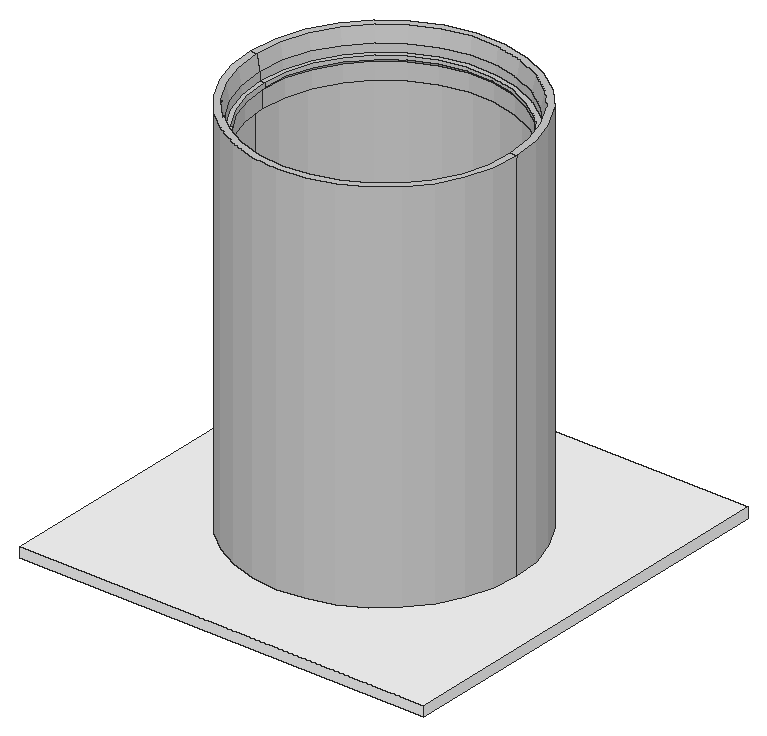
Revit family "BE_99619_de_DE", category Leuchten, Revit 2020
Family settings
  Basisbauteil = Fläche
  Bemaßung runder Anschluss = Durchmesser verwenden
  Teiletyp = Normal
  Beim Laden mit Abzugskörper schneiden = Ja
  Lichtquelle = Nein
  Gemeinsam genutzt = Nein
  Raumberechnungspunkt = Ja
Parameters (values of type "BEGA_99619_Silber")
  Default Elevation = 0 mm
  URL = "https://www.bega.com/de/produkt/99619"
  Typenkommentare = "© 2022 BEGA. Wir behalten uns das Recht vor, technische Änderungen ohne vorherige Ankündigung vorzunehmen."  # constant formula
  Typenbild = 99619.png
  Sonderanfertigung = no
  Seriennummer [instance] = "Hier können Sie die eindeutige Seriennummer für das Facility Management eintragen."
  Schutzart = "IP 65"
  Scheinlast = 0 VA
  Produktdatenblatt = "https://cdn.bega.com/bega/products/99619/current/documents/data-sheets/de"
  Modell = "99619A"
  Material_02 = BEGA_Oberfläche_Silber_matt
  Material_01 [instance] = BEGA_Oberfläche_Grafit_matt
  M_G = no
  M_A = yes
  Logo = 0
  Leuchtenanzahl = ""
  Lastklassifizierung = Beleuchtung
  Hersteller = "BEGA"  # constant formula
  Halbstreuwinkel = ""
  Gewicht = "6.15 kg"
  Erdstück [instance] = no
  Einbauöffnung = "ø 265 mm"
  CE_Konformität = "ja"
  Bestellnummer_Erdstück [instance] = if(Erdstück, "70896", "---")  # "---"
  Bestellnummer = "99619A"
  Beschreibung_Sonderanfertigung = "Hier können Sie Informationen zur Sonderanfertigung eintragen."
  Beschreibung = "Pollerleuchtenrohr"
  BEGA_Intern_aus = yes
  BEGA_Intern_an = yes
  BEGA_Intern_Konstruktion = yes
  BEGA_Intern = yes
  BEGA_IES = yes
  BEGA_Dummy = no
  Aktualisierung = "2022-05-20T04:00:08"
Types (2, lengths in mm): name | Modell | M_G | M_A | Bestellnummer
  BEGA_99619_Silber | "99619A" | no | yes | "99619A"
  BEGA_99619_Grafit | "99619" | yes | no | "99619"
Reference planes
  plane 1 "Mitte (Vorne/Hinten)": y = 0
  plane 2: z = 0
  plane 3 "Mitte (Links/Rechts)": x = 0
  plane 4 "Links": x = -132
  plane 5 "Rechts": x = 132
  plane 6 "Unten": y = -131.922
  plane 7 "Oben": y = 132.024
  plane 8 "Vorne": z = 375.334
Forms (mm)
  Extrusion 1, solid, material "BEGA_Platte_Weiss"
    sketch origin (0, -1119.2, 0) x (1, 0, 0) y (0, 1, 0)
      loop
        line (-200, 1319.2) -> (-200, 919.2) -> (200, 919.2) -> (200, 1319.2) -> (-200, 1319.2)
    from 0 to -10
  Extrusion 2, solid, material "BEGA_Dummy_matt", visible <- "BEGA_Dummy"
    sketch origin (77.149, -76.023, 0) x (1, 0, 0) y (0, 1, 0)
      loop
        circle (-77.149, 76.023) r 132
    from 0 to 375.334
Dimensions and locks
  plane 1 "Mitte (Vorne/Hinten)" to Extrusion 1 = 200 mm
  aligned and locked: plane 2 to Extrusion 1
  aligned and locked: level to Extrusion 1
Nested families
  nested 1: "BE_99619_Pollerrohr" at (0, 0, 0), type "BE_99619_Pollerrohr"
Connectors
  electrical at (0, 0, 0), driven by "Lastklassifizierung", driven by "Scheinlast"
    settings: index 1, voltage 0 V, apparent load 0 VA, apparent load phase1 0 VA, apparent load phase2 0 VA, apparent load phase3 0 VA, power factor 1, load classification "Beleuchtung", number of poles 1, system type 31, power factor state 1, is connector primary yes, connector utility no, sub classification motor no, connector description ""
Definition of nested family "BE_99619_Pollerrohr"
  Parameters (values of type "BE_99619_Pollerrohr")
    Default Elevation = 1 mm
    URL = "http://www.bega.de/de/produkt"
    Type Comments = "© 2015 BEGA. Wir behalten uns das Recht vor, technische Änderungen ohne vorherige Ankündigung vorzunehmen. "  # constant formula
    Type Image = (empty or 0)
    Material_02 = none
    Material_01 = none
    M_G = yes
    M_A = yes
    Länge_Platte = 300 mm  # constant formula
    Höhe_Platte = -10 mm  # constant formula
    Manufacturer = "BEGA"  # constant formula
    Breite_Platte = 300 mm  # constant formula
  Reference planes
    plane 1 "Mitte (Oben/Unten)": y = 0
    plane 2: z = 0
    plane 3 "Mitte (Links/Rechts)": x = 0
    plane 4 "Vorne": z = 375.334
    plane 5 "Links": x = -132
    plane 6 "Rechts": x = 132
    plane 7 "Oben": y = 132.024
    plane 8 "Unten": y = -131.922
  Forms (mm)
    Extrusion 1, solid, detail levels medium
      sketch origin (0, 0, 0) x (1, 0, 0) y (0, 1, 0)
        loop
          line (-150, 150) -> (-150, -150) -> (150, -150) -> (150, 150) -> (-150, 150)
      from 0 to -10 <- "Höhe_Platte"
    Revolve 2, solid, material <- "Material_01", visible <- "M_G", detail levels medium+fine
      sketch origin (0, 0, 0) x (1, 0, 0) y (0, 0, 1)
        loop
          line (-104.5, 0) -> (-39.606, 0)
          arc (-39.606, 0) -> (-38.217, 0.561) -> (-37.607, 1.928) r 2
          line (-37.607, 1.928) -> (-37.5, 5) -> (-37.607, 8.067)
          arc (-37.607, 8.067) -> (-38.216, 9.438) -> (-39.606, 10) r 2
          line (-39.606, 10) -> (-75.72, 10)
          arc (-75.72, 10) -> (-77.743, 10.79) -> (-78.702, 12.739) r 3
          line (-78.702, 12.739) -> (-80.92, 38.087)
          arc (-80.92, 38.087) -> (-81.24, 38.737) -> (-81.914, 39) r 1
          line (-81.914, 39) -> (-97.5, 39) -> (-97.5, 35) -> (-87.374, 24.874)
          arc (-87.374, 24.874) -> (-86.727, 23.902) -> (-86.5, 22.757) r 3
          line (-86.5, 22.757) -> (-86.5, 13.454)
          arc (-86.5, 13.454) -> (-87.902, 9.985) -> (-91.318, 8.46) r 5
          line (-91.318, 8.46) -> (-103.537, 8.034)
          arc (-103.537, 8.034) -> (-104.22, 7.728) -> (-104.5, 7.034) r 1
          line (-104.5, 7.034) -> (-104.5, 0)
        axis (0, 39) -> (0, 0)
      angle from 0 to 360
    Extrusion 3, void
      sketch origin (0, 0, 0) x (1, 0, 0) y (0, 1, 0)
        loop
          arc (-37.433, 48.796) -> (-36.61, 55.104) -> (-42.917, 55.933) r 4.5
          arc (-42.917, 55.933) -> (-61.056, 35.25) -> (-69.897, 9.2) r 70.5
          arc (-69.897, 9.2) -> (-66.023, 4.151) -> (-60.974, 8.027) r 4.5
          arc (-60.974, 8.027) -> (-53.259, 30.753) -> (-37.433, 48.796) r 61.5
        loop
          arc (-45.499, 0.002) -> (-49.999, 4.502) -> (-54.499, 0.001) r 4.5
          arc (-54.499, 0.001) -> (-47.2, -27.251) -> (-27.249, -47.199) r 54.483
          arc (-27.249, -47.199) -> (-21.131, -45.599) -> (-22.654, -39.461) r 4.5
          arc (-22.654, -39.461) -> (-39.375, -22.796) -> (-45.499, 0.002) r 45.517
        loop
          arc (-23.533, -56.819) -> (-29.413, -59.255) -> (-26.979, -65.134) r 4.5
          arc (-26.979, -65.134) -> (0, -70.5) -> (26.979, -65.134) r 70.5
          arc (26.979, -65.134) -> (29.415, -59.254) -> (23.533, -56.818) r 4.5
          arc (23.533, -56.818) -> (0, -61.499) -> (-23.533, -56.819) r 61.5
        loop
          arc (60.974, 8.027) -> (66.023, 4.151) -> (69.897, 9.2) r 4.5
          arc (69.897, 9.2) -> (61.056, 35.25) -> (42.918, 55.931) r 70.5
          arc (42.918, 55.931) -> (36.61, 55.104) -> (37.433, 48.796) r 4.5
          arc (37.433, 48.796) -> (53.259, 30.753) -> (60.974, 8.027) r 61.5
        loop
          arc (27.249, -47.199) -> (47.201, -27.251) -> (54.5, 0.002) r 54.483
          arc (54.5, 0.002) -> (50, 4.501) -> (45.5, 0.002) r 4.5
          arc (45.5, 0.002) -> (39.402, -22.748) -> (22.749, -39.404) r 45.517
          arc (22.749, -39.404) -> (21.102, -45.551) -> (27.249, -47.199) r 4.5
        loop
          arc (-20.5, 50.498) -> (-23.932, 48.965) -> (-27.25, 47.198) r 54.483
          arc (-27.25, 47.198) -> (-28.897, 41.051) -> (-22.75, 39.404) r 4.5
          arc (-22.75, 39.404) -> (-21.634, 40.027) -> (-20.5, 40.619) r 45.517
          arc (-20.5, 40.619) -> (0.676, 45.492) -> (21.698, 39.992) r 45.517
          arc (21.698, 39.992) -> (22.226, 39.701) -> (22.751, 39.403) r 45.517
          arc (22.751, 39.403) -> (28.897, 41.051) -> (27.251, 47.197) r 4.5
          arc (27.251, 47.197) -> (23.932, 48.964) -> (20.5, 50.498) r 54.483
          arc (20.5, 50.498) -> (0, 54.473) -> (-20.5, 50.498) r 54.857
      from 0 to 16.907
    Revolve 4, solid, material <- "Material_01", visible <- "M_G", detail levels medium+fine
      sketch origin (0, 0, 0) x (1, 0, 0) y (0, 0, 1)
        loop
          line (-128, 2.834) -> (-128, 15.334) -> (-114.957, 15.334)
          arc (-114.957, 15.334) -> (-113.566, 14.77) -> (-112.96, 13.397) r 1.999
          line (-112.96, 13.397) -> (-112.858, 10.443) -> (-110.216, 7.8) -> (-98.318, 8.216) -> (-98.318, 43.346) -> (-108, 43.346) -> (-108.721, 22.73)
          arc (-108.721, 22.73) -> (-109.64, 20.672) -> (-111.734, 19.836) r 2.999
          line (-111.734, 19.836) -> (-120.371, 19.836)
          arc (-120.371, 19.836) -> (-122.471, 20.694) -> (-123.368, 22.776) r 2.998
          line (-123.368, 22.776) -> (-124.397, 52.334) -> (-128, 52.334) -> (-128, 328.034) -> (-121, 328.034) -> (-121, 345.034) -> (-117.865, 348.169) -> (-118, 352.034) -> (-122.735, 352.034) -> (-123.018, 360.123) -> (-125.7, 375.334) -> (-132, 375.334) -> (-132, 2.834) -> (-128, 2.834)
        axis (0, 375.334) -> (0, 2.834)
      angle from 0 to 360
    Revolve 5, solid, material <- "Material_02", visible <- "M_A", detail levels medium+fine
      sketch origin (0, 0, 0) x (1, 0, 0) y (0, 0, 1)
        loop
          line (-104.5, 0) -> (-39.606, 0)
          arc (-39.606, 0) -> (-38.217, 0.561) -> (-37.607, 1.928) r 2
          line (-37.607, 1.928) -> (-37.5, 5) -> (-37.607, 8.067)
          arc (-37.607, 8.067) -> (-38.216, 9.438) -> (-39.606, 10) r 2
          line (-39.606, 10) -> (-75.72, 10)
          arc (-75.72, 10) -> (-77.743, 10.79) -> (-78.702, 12.739) r 3
          line (-78.702, 12.739) -> (-80.92, 38.087)
          arc (-80.92, 38.087) -> (-81.24, 38.737) -> (-81.914, 39) r 1
          line (-81.914, 39) -> (-97.5, 39) -> (-97.5, 35) -> (-87.374, 24.874)
          arc (-87.374, 24.874) -> (-86.727, 23.902) -> (-86.5, 22.757) r 3
          line (-86.5, 22.757) -> (-86.5, 13.454)
          arc (-86.5, 13.454) -> (-87.902, 9.985) -> (-91.318, 8.46) r 5
          line (-91.318, 8.46) -> (-103.537, 8.034)
          arc (-103.537, 8.034) -> (-104.22, 7.728) -> (-104.5, 7.034) r 1
          line (-104.5, 7.034) -> (-104.5, 0)
        axis (0, 39) -> (0, 0)
      angle from 0 to 360
    Revolve 6, solid, material <- "Material_02", visible <- "M_A", detail levels medium+fine
      sketch origin (0, 0, 0) x (1, 0, 0) y (0, 0, 1)
        loop
          line (-128, 2.834) -> (-128, 15.334) -> (-114.957, 15.334)
          arc (-114.957, 15.334) -> (-113.566, 14.77) -> (-112.96, 13.397) r 1.999
          line (-112.96, 13.397) -> (-112.858, 10.443) -> (-110.216, 7.8) -> (-98.318, 8.216) -> (-98.318, 43.346) -> (-108, 43.346) -> (-108.721, 22.73)
          arc (-108.721, 22.73) -> (-109.64, 20.672) -> (-111.734, 19.836) r 2.999
          line (-111.734, 19.836) -> (-120.371, 19.836)
          arc (-120.371, 19.836) -> (-122.471, 20.694) -> (-123.368, 22.776) r 2.998
          line (-123.368, 22.776) -> (-124.397, 52.334) -> (-128, 52.334) -> (-128, 328.034) -> (-121, 328.034) -> (-121, 345.034) -> (-117.865, 348.169) -> (-118, 352.034) -> (-122.735, 352.034) -> (-123.018, 360.123) -> (-125.7, 375.334) -> (-132, 375.334) -> (-132, 2.834) -> (-128, 2.834)
        axis (0, 375.334) -> (0, 2.834)
      angle from 0 to 360
  Cuts and joins
    Extrusion 3 cuts Revolve 2
    Extrusion 3 cuts Revolve 5
  Dimensions and locks
    equal spacing: Extrusion 1 sketch curve, plane 3 "Mitte (Links/Rechts)", Extrusion 1 sketch curve
    equal spacing: Extrusion 1 sketch curve, plane 1 "Mitte (Oben/Unten)", Extrusion 1 sketch curve
    "Länge_Platte": Extrusion 1 sketch curve to Extrusion 1 sketch curve
    "Breite_Platte": Extrusion 1 sketch curve to Extrusion 1 sketch curve
    plane 1 "Mitte (Oben/Unten)" to Extrusion 1 = 150 mm  (x3)
    aligned and locked: Extrusion 1 to plane 2
    aligned and locked: level to Extrusion 1
    aligned and locked: Revolve 2 sketch curve to plane 3 "Mitte (Links/Rechts)"
    aligned and locked: Revolve 4 sketch curve to plane 3 "Mitte (Links/Rechts)"
  Automatic sketch dimensions
    Revolve 2 sketch curve to level = 0 mm  (x2)
    plane 5 "Links" to Revolve 2 sketch curve = 27.5 mm
    Revolve 2 sketch curve to Revolve 2 sketch curve = 64.894 mm
    Revolve 2 sketch curve to Revolve 2 sketch curve = 7.034 mm
    Revolve 2 sketch curve to Revolve 2 sketch curve = 1 mm  (x2)
    Revolve 2 sketch curve to Revolve 2 sketch curve = 0.037 mm
    level to Revolve 2 sketch curve = 8.46 mm
    Revolve 2 sketch curve to Revolve 2 sketch curve = 12.219 mm
    Revolve 2 sketch curve to Revolve 2 sketch curve = 0.182 mm
    Revolve 2 sketch curve to Revolve 2 sketch curve = 4.997 mm
    Revolve 2 sketch curve to Revolve 2 sketch curve = 0.003 mm
    Revolve 2 sketch curve to Revolve 2 sketch curve = 9.304 mm
    Revolve 2 sketch curve to Revolve 2 sketch curve = 3 mm  (x2)
    Revolve 2 sketch curve to Revolve 2 sketch curve = 0.874 mm
    Revolve 2 sketch curve to Revolve 2 sketch curve = 0 mm  (x7)
    Revolve 2 sketch curve to Revolve 2 sketch curve = 2.116 mm
    Revolve 2 sketch curve to Revolve 2 sketch curve = 10.126 mm  (x2)
    Revolve 2 sketch curve to Revolve 2 sketch curve = 4 mm
    Revolve 2 sketch curve to Revolve 2 sketch curve = 5.459 mm
    Revolve 2 sketch curve to Revolve 2 sketch curve = 0.002 mm
    Revolve 2 sketch curve to Revolve 2 sketch curve = 0.996 mm
    Revolve 2 sketch curve to Revolve 2 sketch curve = 10.78 mm
    Revolve 2 sketch curve to Revolve 2 sketch curve = 0.006 mm
    level to Revolve 2 sketch curve = 10 mm
    level to Revolve 2 sketch curve = 12.739 mm
    Revolve 2 sketch curve to Revolve 2 sketch curve = 2.989 mm
    level to Revolve 2 sketch curve = 5 mm
    Revolve 2 sketch curve to Revolve 2 sketch curve = 2.106 mm
    level to Revolve 2 sketch curve = 1.928 mm
    Revolve 2 sketch curve to Revolve 2 sketch curve = 0.107 mm  (x2)
    level to Revolve 2 sketch curve = 8.067 mm
    Revolve 2 sketch curve to Revolve 2 sketch curve = 1.999 mm  (x2)
    Revolve 2 sketch curve to Revolve 2 sketch curve = 0.067 mm
    Revolve 2 sketch curve to Revolve 2 sketch curve = 0.072 mm
    plane 4 "Vorne" to Revolve 2 sketch curve = 1.208 mm
    Extrusion 3 sketch curve to Extrusion 3 sketch curve = 0 mm  (x35)
    plane 1 "Mitte (Oben/Unten)" to Extrusion 3 sketch curve = 0 mm
    Extrusion 3 sketch curve to plane 3 "Mitte (Links/Rechts)" = 0 mm  (x5)
    Extrusion 3 sketch curve to plane 1 "Mitte (Oben/Unten)" = 0.001 mm  (x3)
    Extrusion 3 sketch curve to plane 3 "Mitte (Links/Rechts)" = 0.002 mm
    Extrusion 3 sketch curve to plane 3 "Mitte (Links/Rechts)" = 0.016 mm
    Extrusion 3 sketch curve to plane 3 "Mitte (Links/Rechts)" = 0.017 mm
    Extrusion 3 sketch curve to plane 3 "Mitte (Links/Rechts)" = 24.999 mm
    Extrusion 3 sketch curve to plane 3 "Mitte (Links/Rechts)" = 25 mm
    Extrusion 3 sketch curve to Extrusion 3 sketch curve = 0.255 mm
    Extrusion 3 sketch curve to Extrusion 3 sketch curve = 15.179 mm
    Extrusion 3 sketch curve to plane 1 "Mitte (Oben/Unten)" = 0.002 mm  (x4)
    Extrusion 3 sketch curve to Extrusion 3 sketch curve = 49.982 mm  (x2)
    Extrusion 3 sketch curve to plane 1 "Mitte (Oben/Unten)" = 8.613 mm  (x2)
    Extrusion 3 sketch curve to Extrusion 3 sketch curve = 15.436 mm  (x2)
    plane 3 "Mitte (Links/Rechts)" to Extrusion 3 sketch curve = 0 mm
    plane 1 "Mitte (Oben/Unten)" to Extrusion 3 sketch curve = 0.01 mm  (x2)
    plane 3 "Mitte (Links/Rechts)" to Extrusion 3 sketch curve = 0.017 mm  (x2)
    Extrusion 3 sketch curve to plane 1 "Mitte (Oben/Unten)" = 0.008 mm
    plane 3 "Mitte (Links/Rechts)" to Extrusion 3 sketch curve = 25 mm  (x2)
    Extrusion 3 sketch curve to Extrusion 3 sketch curve = 0.258 mm
    Extrusion 3 sketch curve to Extrusion 3 sketch curve = 15.178 mm
    plane 1 "Mitte (Oben/Unten)" to Extrusion 3 sketch curve = 0.02 mm
    Extrusion 3 sketch curve to Extrusion 3 sketch curve = 0.365 mm
    plane 1 "Mitte (Oben/Unten)" to Extrusion 3 sketch curve = 43.301 mm  (x2)
    Extrusion 3 sketch curve to Extrusion 3 sketch curve = 17.675 mm
    Extrusion 3 sketch curve to Extrusion 3 sketch curve = 17.676 mm
    Extrusion 3 sketch curve to plane 1 "Mitte (Oben/Unten)" = 0.01 mm
    Extrusion 3 sketch curve to Extrusion 3 sketch curve = 0.017 mm
    Extrusion 3 sketch curve to plane 1 "Mitte (Oben/Unten)" = 43.301 mm
    Extrusion 3 sketch curve to Extrusion 3 sketch curve = 9.06 mm
    Extrusion 3 sketch curve to Extrusion 3 sketch curve = 9.061 mm
    Extrusion 3 sketch curve to Extrusion 3 sketch curve = 4.499 mm  (x2)
    Extrusion 3 sketch curve to Extrusion 3 sketch curve = 2.346 mm
    Extrusion 3 sketch curve to Extrusion 3 sketch curve = 2.25 mm
    Extrusion 3 sketch curve to Extrusion 3 sketch curve = 1.722 mm  (x3)
    Extrusion 3 sketch curve to Extrusion 3 sketch curve = 0.002 mm  (x4)
    Extrusion 3 sketch curve to Extrusion 3 sketch curve = 2.249 mm  (x2)
    Extrusion 3 sketch curve to Extrusion 3 sketch curve = 2.251 mm  (x3)
    Extrusion 3 sketch curve to Extrusion 3 sketch curve = 2.745 mm  (x2)
    Extrusion 3 sketch curve to Extrusion 3 sketch curve = 2.739 mm  (x2)
    Extrusion 3 sketch curve to plane 1 "Mitte (Oben/Unten)" = 0.003 mm
    Extrusion 3 sketch curve to Extrusion 3 sketch curve = 4.462 mm  (x4)
    Extrusion 3 sketch curve to Extrusion 3 sketch curve = 4.5 mm  (x2)
    Extrusion 3 sketch curve to Extrusion 3 sketch curve = 3.302 mm
    Extrusion 3 sketch curve to Extrusion 3 sketch curve = 1.053 mm
    Extrusion 3 sketch curve to Extrusion 3 sketch curve = 1.724 mm
    Extrusion 3 sketch curve to Extrusion 3 sketch curve = 0.001 mm
    Extrusion 3 sketch curve to Extrusion 3 sketch curve = 3.898 mm
    Revolve 4 sketch curve to plane 5 "Links" = 0 mm
    Revolve 4 sketch curve to plane 4 "Vorne" = 0 mm
    plane 5 "Links" to Revolve 4 sketch curve = 4 mm
    Revolve 4 sketch curve to Revolve 4 sketch curve = 6.3 mm
    Revolve 4 sketch curve to Revolve 4 sketch curve = 3.603 mm
    plane 5 "Links" to Revolve 4 sketch curve = 8.632 mm
    plane 5 "Links" to Revolve 4 sketch curve = 8.982 mm
    Revolve 4 sketch curve to Revolve 4 sketch curve = 0.282 mm
    Revolve 4 sketch curve to Revolve 4 sketch curve = 7 mm
    Revolve 4 sketch curve to Revolve 4 sketch curve = 2.997 mm
    Revolve 4 sketch curve to Revolve 4 sketch curve = 4.735 mm
    Revolve 4 sketch curve to Revolve 4 sketch curve = 0.135 mm
    Revolve 4 sketch curve to Revolve 4 sketch curve = 5.414 mm
    Revolve 4 sketch curve to Revolve 4 sketch curve = 1.998 mm
    Revolve 4 sketch curve to Revolve 4 sketch curve = 0.101 mm
    Revolve 4 sketch curve to Revolve 4 sketch curve = 3.223 mm
    Revolve 4 sketch curve to Revolve 4 sketch curve = 0.016 mm
    level to Revolve 4 sketch curve = 7.8 mm
    Revolve 4 sketch curve to Revolve 4 sketch curve = 2.643 mm  (x2)
    Revolve 4 sketch curve to Revolve 4 sketch curve = 16.397 mm
    Revolve 4 sketch curve to Revolve 4 sketch curve = 11.897 mm
    level to Revolve 4 sketch curve = 2.834 mm
    level to Revolve 4 sketch curve = 8.216 mm
    Revolve 4 sketch curve to Revolve 4 sketch curve = 2.892 mm
    Revolve 4 sketch curve to Revolve 4 sketch curve = 0.062 mm
    Revolve 4 sketch curve to Revolve 4 sketch curve = 4.502 mm
    Revolve 4 sketch curve to Revolve 4 sketch curve = 2.941 mm
    Revolve 4 sketch curve to Revolve 4 sketch curve = 2.999 mm
    Revolve 4 sketch curve to Revolve 4 sketch curve = 20.511 mm
    Revolve 4 sketch curve to Revolve 4 sketch curve = 8.988 mm
    Revolve 4 sketch curve to plane 4 "Vorne" = 47.3 mm
    Revolve 4 sketch curve to Revolve 4 sketch curve = 17 mm
    Revolve 4 sketch curve to Revolve 4 sketch curve = 3.135 mm
    Revolve 4 sketch curve to Revolve 4 sketch curve = 3.865 mm
    Revolve 4 sketch curve to Revolve 4 sketch curve = 8.088 mm
    Revolve 4 sketch curve to Revolve 4 sketch curve = 4 mm
    Revolve 4 sketch curve to Revolve 4 sketch curve = 0 mm
    Revolve 4 sketch curve to Revolve 4 sketch curve = 2.998 mm
    Revolve 4 sketch curve to Revolve 4 sketch curve = 0.001 mm  (x2)
    Revolve 4 sketch curve to level = 0 mm
    plane 4 "Vorne" to Revolve 4 sketch curve = 1.208 mm
    Revolve 5 sketch curve to level = 0 mm  (x2)
    Revolve 5 sketch curve to plane 3 "Mitte (Links/Rechts)" = 0 mm
    level to Revolve 5 sketch curve = 5 mm
    Revolve 5 sketch curve to plane 3 "Mitte (Links/Rechts)" = 37.5 mm
    level to Revolve 5 sketch curve = 8.067 mm
    Revolve 5 sketch curve to Revolve 5 sketch curve = 0.107 mm  (x2)
    level to Revolve 5 sketch curve = 1.928 mm
    Revolve 5 sketch curve to Revolve 5 sketch curve = 1.999 mm  (x2)
    level to Revolve 5 sketch curve = 13 mm
    Revolve 5 sketch curve to Revolve 5 sketch curve = 36.108 mm
    Revolve 5 sketch curve to Revolve 5 sketch curve = 0.006 mm
    Revolve 5 sketch curve to Revolve 5 sketch curve = 6.201 mm
    Revolve 5 sketch curve to Revolve 5 sketch curve = 0.002 mm
    Revolve 5 sketch curve to Revolve 5 sketch curve = 10.786 mm
    Revolve 5 sketch curve to Revolve 5 sketch curve = 0.874 mm
    Revolve 5 sketch curve to Revolve 5 sketch curve = 2.126 mm
    level to Revolve 5 sketch curve = 8.46 mm
    Revolve 5 sketch curve to Revolve 5 sketch curve = 4.818 mm
    Revolve 5 sketch curve to Revolve 5 sketch curve = 5 mm
    Revolve 5 sketch curve to Revolve 5 sketch curve = 10.126 mm  (x2)
    Revolve 5 sketch curve to Revolve 5 sketch curve = 0 mm  (x7)
    Revolve 5 sketch curve to Revolve 5 sketch curve = 12.182 mm
    level to Revolve 5 sketch curve = 8.034 mm
    Revolve 5 sketch curve to Revolve 5 sketch curve = 0.037 mm
    Revolve 5 sketch curve to Revolve 5 sketch curve = 1 mm  (x2)
    Revolve 5 sketch curve to Revolve 5 sketch curve = 0.072 mm
    Revolve 5 sketch curve to Revolve 5 sketch curve = 0.067 mm
    Revolve 5 sketch curve to Revolve 5 sketch curve = 3 mm
    Revolve 5 sketch curve to Revolve 5 sketch curve = 4.994 mm
    Revolve 5 sketch curve to Revolve 5 sketch curve = 9.3 mm
    Revolve 5 sketch curve to Revolve 5 sketch curve = 2.116 mm  (x2)
    Revolve 5 sketch curve to Revolve 5 sketch curve = 13.126 mm
    Revolve 5 sketch curve to Revolve 5 sketch curve = 2.989 mm
    level to Revolve 5 sketch curve = 12.739 mm
    Revolve 5 sketch curve to Revolve 5 sketch curve = 0.996 mm
    plane 4 "Vorne" to Revolve 5 sketch curve = 1.208 mm
    Revolve 6 sketch curve to plane 5 "Links" = 0 mm
    Revolve 6 sketch curve to plane 4 "Vorne" = 0 mm
    Revolve 6 sketch curve to level = 0 mm
    Revolve 6 sketch curve to plane 3 "Mitte (Links/Rechts)" = 0 mm
    Revolve 6 sketch curve to Revolve 6 sketch curve = 4 mm
    plane 5 "Links" to Revolve 6 sketch curve = 4 mm
    Revolve 6 sketch curve to Revolve 6 sketch curve = 6.3 mm
    Revolve 6 sketch curve to Revolve 6 sketch curve = 3.603 mm
    plane 5 "Links" to Revolve 6 sketch curve = 8.632 mm
    plane 5 "Links" to Revolve 6 sketch curve = 8.982 mm
    Revolve 6 sketch curve to Revolve 6 sketch curve = 0.282 mm
    Revolve 6 sketch curve to Revolve 6 sketch curve = 1.735 mm
    Revolve 6 sketch curve to Revolve 6 sketch curve = 2.997 mm
    Revolve 6 sketch curve to Revolve 6 sketch curve = 4.735 mm
    Revolve 6 sketch curve to Revolve 6 sketch curve = 0.135 mm
    Revolve 6 sketch curve to Revolve 6 sketch curve = 5.414 mm
    level to Revolve 6 sketch curve = 13.397 mm
    Revolve 6 sketch curve to Revolve 6 sketch curve = 1.998 mm
    Revolve 6 sketch curve to Revolve 6 sketch curve = 0.101 mm
    Revolve 6 sketch curve to Revolve 6 sketch curve = 3.223 mm
    Revolve 6 sketch curve to Revolve 6 sketch curve = 0.016 mm
    level to Revolve 6 sketch curve = 7.8 mm
    Revolve 6 sketch curve to Revolve 6 sketch curve = 2.643 mm
    Revolve 6 sketch curve to Revolve 6 sketch curve = 16.397 mm
    Revolve 6 sketch curve to Revolve 6 sketch curve = 9.682 mm
    level to Revolve 6 sketch curve = 2.834 mm
    level to Revolve 6 sketch curve = 8.216 mm
    Revolve 6 sketch curve to Revolve 6 sketch curve = 2.954 mm
    Revolve 6 sketch curve to Revolve 6 sketch curve = 0.062 mm
    Revolve 6 sketch curve to Revolve 6 sketch curve = 4.502 mm
    Revolve 6 sketch curve to Revolve 6 sketch curve = 2.941 mm
    Revolve 6 sketch curve to Revolve 6 sketch curve = 2.999 mm
    Revolve 6 sketch curve to Revolve 6 sketch curve = 20.511 mm
    Revolve 6 sketch curve to Revolve 6 sketch curve = 8.988 mm
    Revolve 6 sketch curve to plane 4 "Vorne" = 47.3 mm
    Revolve 6 sketch curve to Revolve 6 sketch curve = 17 mm
    Revolve 6 sketch curve to Revolve 6 sketch curve = 3.135 mm
    Revolve 6 sketch curve to Revolve 6 sketch curve = 3.865 mm
    Revolve 6 sketch curve to Revolve 6 sketch curve = 8.088 mm
    Revolve 6 sketch curve to Revolve 6 sketch curve = 0 mm
    Revolve 6 sketch curve to Revolve 6 sketch curve = 2.998 mm
    Revolve 6 sketch curve to Revolve 6 sketch curve = 0.001 mm  (x2)
    plane 4 "Vorne" to Revolve 6 sketch curve = 1.208 mm
